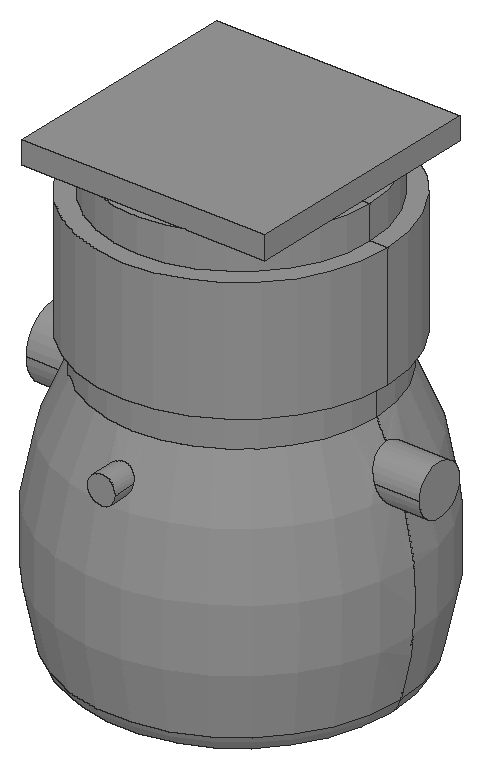
Revit family "BIM_Model_Nirolift_Coronada_50_250_WTS", category Mechanical Equipment, Revit 2018
Family settings
  Round Connector Dimension = Use Radius
  Part Type = Normal
  Work Plane-Based = No
  Always vertical = Yes
  Cut with Voids When Loaded = No
  Shared = No
  Room Calculation Point = No
Parameters (values of type "Coronada 250 W/KS")
  Weight (Kg) = "11.5 (Without Pump)"
  Tank Material = Polyethylene
  Speed (r/min) = 2900
  Solids Passage (mm) = "10"
  Rotor Shaft = Stainless steel 1.4305 (AISI 303)
  Rated Voltage (V) = "220-240 1~"
  Rated Current (A) = "2.28"
  Pump Weight = "4.5"
  Pump Housing = Stainless steel 1.4301 (AISI 304)
  Pump Discharge Internal Thread = "G 1¼\""
  Product Specification Link = "http://www.sulzer.com/en/Products-and-Services/Pumps-and-Systems/Lifting-Stations/Lifting-Stations-Wastewater-without-toilet-waste/Lifting-Station-Type-ABS-Nirolift"
  Motor Power (kW) = "P1=0.50 P2=0.25"
  Motor Housing = Stainless steel 1.4301 (AISI 304)
  Model = "Lifting Station Type ABS Nirolift"
  Manufacturer = "Sulzer"
  Inflow DN 100 = 100 mm / 2  # 50 mm
  Inflow / Vent DN 70 = 70 mm / 2  # 35 mm
  Impeller = PPO
  Head(m) = 6.5 mm
  Discharge DN 40 = 40 mm / 2  # 20 mm
  Dimension C = 950 mm
  Dimension B = 725 mm
  Dimension A = 130 mm
  Description = "The Nirolift is a synthetic, standalone pumping station designed as a complete wastewater sump for below-ground use. It provides effective dewatering of domestic and commercial wastewater from buildings and areas below the sewer level in accordance with EN 12050-2."
  Capacity(m3/hr) = 8.00 m³
  Cable Length (m) = "10"
  Cable (HO7RN-F) = "3G 1.0"
  Cable = Neoprene
  Assembly Code = ""
Reference planes
  plane 1 "Center (Front/Back)": y = 0
  plane 2: z = 0
  plane 3 "Center (Left/Right)": x = 0
  plane 4: z = 103
  plane 5: z = 640
  plane 6: x = 435
  plane 7: z = 725
  plane 8: z = 690.5
  plane 9: y = 205.001
  plane 10: y = 280
  plane 11: x = -280
  plane 12: x = 300
  plane 13: y = -263
Forms (mm)
  Revolve 1, solid, material "Polyethylene" <- "Tank Material"
    sketch origin (0, 0, 0) x (1, 0, 0) y (0, 0, 1)
      loop
        line (222, 455) -> (222, 640) -> (195.223, 640) -> (195.223, 690.5) -> (0, 690.5) -> (0, 0) -> (194.291, 0)
        arc (194.291, 0) -> (222.947, 10.16) -> (241.186, 34.485) r 52.573
        arc (241.186, 34.485) -> (261.022, 223.447) -> (205, 405) r 473.632
        line (205, 405) -> (205, 455) -> (222, 455)
      axis (0, 690.5) -> (0, 0)
    angle from 0 to 360
  Extrusion 2, solid, material "Stainless steel 1.4301 (AISI 304)"
    sketch origin (-687.04, -1524, 690.5) x (-1, 0, 0) y (0, -1, 0)
      loop
        line (-503.051, -1707.989) -> (-503.051, -1340.011) -> (-871.029, -1340.011) -> (-871.029, -1707.989) -> (-503.051, -1707.989)
    from 0 to 34.5
  Extrusion 3, void
    sketch origin (0, 0, 0) x (0, 1, 0) y (0, 0, 1)
      loop
        line (205.001, 410) -> (205.001, 270) -> (328.78, 198.536) -> (328.78, 410) -> (205.001, 410)
    from -292.883 to 250
  Extrusion 4, solid, material "Polyethylene" <- "Tank Material"
    sketch origin (0, 280, 1200) x (-1, 0, 0) y (0, 0, 1)
      loop
        circle (0, -860) r 55
    from 0 to -280
  Extrusion 5, solid, material "Polyethylene" <- "Tank Material"
    sketch origin (-280, 45, 1200) x (0, 1, 0) y (0, 0, 1)
      loop
        circle (-45, -860) r 55
    from 0 to 280
  Extrusion 6, solid, material "Polyethylene" <- "Tank Material"
    sketch origin (300, -29.5, 1200) x (0, -1, 0) y (0, 0, 1)
      loop
        circle (-29.5, -860) r 37.5
    from 0 to 300
  Extrusion 7, solid, material "Polyethylene" <- "Tank Material"
    sketch origin (-20, -263, 1200) x (-1, 0, 0) y (0, 0, 1)
      loop
        circle (-20, -850) r 21
    from 0 to 263
Cuts and joins
  Extrusion 3 cuts Revolve 1
  joined: Revolve 1, Extrusion 4, Extrusion 5, Extrusion 6, Extrusion 7
Dimensions and locks
  plane 5 to plane 2 = 640 mm
  "Dimension B": plane 7 to plane 2
  locked: plane 7 to plane 8 at 34.5
  plane 2 to Extrusion 4 sketch curve = 340 mm
  Extrusion 5 sketch curve to plane 2 = 340 mm
  Extrusion 6 sketch curve to plane 2 = 340 mm
  Extrusion 7 sketch curve to plane 2 = 350 mm
  aligned and locked: level to plane 2
  aligned and locked: plane 7 to Extrusion 2
  aligned and locked: Extrusion 2 to plane 8
  aligned and locked: Revolve 1 sketch curve to plane 8
  aligned and locked: plane 9 to cut or joined group of Revolve 1, Extrusion 3, Extrusion 4, Extrusion 5, Extrusion 6, Extrusion 7
  aligned and locked: plane 1 "Center (Front/Back)" to Extrusion 4
  aligned and locked: plane 3 "Center (Left/Right)" to Extrusion 5
  aligned and locked: Extrusion 6 to plane 3 "Center (Left/Right)"
  aligned and locked: Extrusion 7 to plane 1 "Center (Front/Back)"
Automatic sketch dimensions
  Revolve 1 sketch curve to level = 0 mm  (x2)
  Revolve 1 sketch curve to plane 5 = 0 mm
  plane 4 to Revolve 1 sketch curve = 74.409 mm
  Revolve 1 sketch curve to plane 3 "Center (Left/Right)" = 210.366 mm
  Revolve 1 sketch curve to plane 3 "Center (Left/Right)" = 0 mm
  Revolve 1 sketch curve to Revolve 1 sketch curve = 0 mm
  Revolve 1 sketch curve to plane 4 = 50.486 mm
  plane 3 "Center (Left/Right)" to Revolve 1 sketch curve = 191.801 mm
  Revolve 1 sketch curve to Revolve 1 sketch curve = 2.49 mm
  plane 3 "Center (Left/Right)" to Revolve 1 sketch curve = 195.223 mm
  plane 3 "Center (Left/Right)" to Revolve 1 sketch curve = 205 mm
  Revolve 1 sketch curve to Revolve 1 sketch curve = 17 mm
  level to Revolve 1 sketch curve = 34.485 mm
  Revolve 1 sketch curve to level = 1.793 mm
  Revolve 1 sketch curve to Revolve 1 sketch curve = 50 mm
  plane 3 "Center (Left/Right)" to Extrusion 2 sketch curve = 183.989 mm
  Extrusion 2 sketch curve to plane 3 "Center (Left/Right)" = 183.989 mm
  Extrusion 2 sketch curve to plane 1 "Center (Front/Back)" = 183.989 mm
  plane 1 "Center (Front/Back)" to Extrusion 2 sketch curve = 183.989 mm
  Extrusion 3 sketch curve to Extrusion 3 sketch curve = 123.779 mm
  plane 4 to Extrusion 3 sketch curve = 95.536 mm
  Extrusion 3 sketch curve to Extrusion 3 sketch curve = 71.464 mm
  Extrusion 3 sketch curve to Extrusion 3 sketch curve = 140 mm
  Extrusion 3 sketch curve to plane 1 "Center (Front/Back)" = 205.001 mm
  Extrusion 4 sketch curve to plane 3 "Center (Left/Right)" = 0 mm
  Extrusion 5 sketch curve to plane 1 "Center (Front/Back)" = 0 mm
  Extrusion 6 sketch curve to plane 1 "Center (Front/Back)" = 0 mm
  Extrusion 7 sketch curve to plane 3 "Center (Left/Right)" = 0 mm
  radius of Extrusion 4 sketch curve = 55 mm
  radius of Extrusion 5 sketch curve = 55 mm
  radius of Extrusion 6 sketch curve = 37.5 mm
  radius of Extrusion 7 sketch curve = 21 mm
Connectors
  piping at (-280, 0, 340), diameter 100, driven by "Inflow DN 100"
    settings: on cut or joined group of Revolve 1, Extrusion 3, Extrusion 4, Extrusion 5, Extrusion 6, Extrusion 7, index 1, connector inside diameter 100 mm, connector length 0 mm, flow factor 0, pipe flow 0.0 L/s, pressure drop 0.0 Pa, fitting loss kfactor 0, connector angle 0.00°, fixture units 0, engagement length 0 mm, angle of deflection 0.00°, flow configuration 0, flow direction 0, fitting loss method 0, system type 29, joint type 0, gender type 0, connector reference index -1, connector utility 0, adjustable connector no, is connector primary yes, connector description "Inflow DN 100"
  piping at (0, 280, 340), diameter 100, driven by "Inflow DN 100"
    settings: on cut or joined group of Revolve 1, Extrusion 3, Extrusion 4, Extrusion 5, Extrusion 6, Extrusion 7, index 2, connector inside diameter 100 mm, connector length 0 mm, flow factor 0, pipe flow 0.0 L/s, pressure drop 0.0 Pa, fitting loss kfactor 0, connector angle 0.00°, fixture units 0, engagement length 0 mm, angle of deflection 0.00°, flow configuration 0, flow direction 0, fitting loss method 0, system type 29, joint type 0, gender type 0, connector reference index -1, connector utility 0, adjustable connector no, is connector primary no, connector description "Inflow DN 100"
  piping at (300, 0, 340), diameter 70, driven by "Inflow / Vent DN 70"
    settings: on cut or joined group of Revolve 1, Extrusion 3, Extrusion 4, Extrusion 5, Extrusion 6, Extrusion 7, index 3, connector inside diameter 70 mm, connector length 0 mm, flow factor 0, pipe flow 0.0 L/s, pressure drop 0.0 Pa, fitting loss kfactor 0, connector angle 0.00°, fixture units 0, engagement length 0 mm, angle of deflection 0.00°, flow configuration 0, flow direction 0, fitting loss method 0, system type 29, joint type 0, gender type 0, connector reference index -1, connector utility 0, adjustable connector no, is connector primary no, connector description "Inflow / Vent DN 70"
  piping at (0, -263, 350), diameter 40, driven by "Discharge DN 40"
    settings: on cut or joined group of Revolve 1, Extrusion 3, Extrusion 4, Extrusion 5, Extrusion 6, Extrusion 7, index 4, connector inside diameter 40 mm, connector length 0 mm, flow factor 0, pipe flow 0.0 L/s, pressure drop 0.0 Pa, fitting loss kfactor 0, connector angle 0.00°, fixture units 0, engagement length 0 mm, angle of deflection 0.00°, flow configuration 0, flow direction 0, fitting loss method 0, system type 29, joint type 0, gender type 0, connector reference index -1, connector utility 0, adjustable connector no, is connector primary no, connector description "Discharge DN 40"
